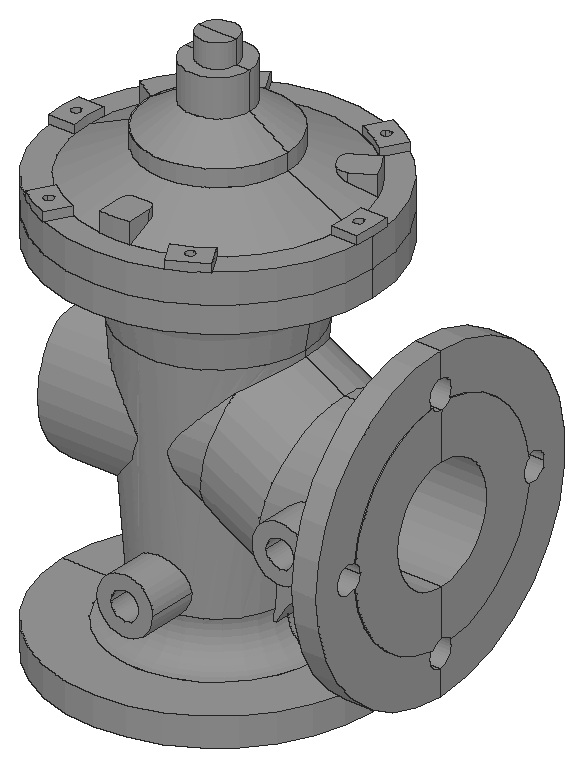
Revit family "ACV_Angle_Series", category Generic Models, Revit 2026
Family settings
  Can host rebar = No
  Round Connector Dimension = Use Diameter
  Part Type = Normal
  Work Plane-Based = No
  Always vertical = Yes
  Cut with Voids When Loaded = No
  Maintain Annotation Orientation = No
  Shared = No
  Room Calculation Point = No
Parameters (values of type "ACV1.50")
  up 3 = 0.21436"
  rp4 = 2.00"
  URL = "www.mifab.com"
  Model = "ACV1.50"
  Manufacturer = "MIFAB"
  HOLE RP = 2.50"
  HOLE = 0.30"
  EXTUREDE H [instance] = 3.65"
  Up 2 = 0.40"
  Up 1 = 0.70"
  UPPER OUT1 = 1.50"
  RADI1-2 = 1.00"
  RADI = 1.20997"
  OUT = 1.90091"
  ON/OFF = no
  MATERIAL = Iron, Cast
  INNER OUT1 = 2.80"
  IN = 1.80"
  Hole2 = Hole1 + 0.30"  # 0.60"
  Hole1 = 0.30"
  HOLE1 = 3.47037"
  FLANGE2 = FLANGE1 + 0.08"  # 0.6373"
  FLANGE1-2 = 0.03555"
  FLANGE1-1 = 0.65"
  FLANGE1 = 0.5573"
  End extru = 2.50"
  EXTRUDEEE [instance] = 0.44344"
  EXTRUDE W = 0.65"
  EXTRUDE L = 0.75"
  EXTRUDE H = 1.86269"
  Dia. = 2.00"
  Description = "BEECO ACV Angle Series"
  Default Elevation = 0.00"
  BODY = Iron, Cast
  AW = 6.69"
  UPPER H1 = 1.60"
  AR = 4.18"
  AL = 8.18"
  AH = 12.00"
  AB = 13.25"
  9THK = 0.35"
  9RA = 2.00"
  9HH = 1.25"
  8R2 = 2.25"
  8R1 = 0.50"
  8L = 2.50"
  8H = 2.25"
  7RA = 1.75"
  7L = 2.75"
  6RADI = 0.10"
  6H = 3.05"
  5WIDTH = 1.72745"
  5WID = 0.80"
  5RP = 3.10"
  5HOLE = 0.10"
  5EXT1 = 3.40"
  5EXT = 3.22"
  3LENGTH = 7.00"
  3ID = 1.84185"
  3FILLET = 0.50"
  3AW = AW / 2  # 3.345"
  2RP = 2.00"
  2OD = 0.90"
  2H = 2.50"
Types (7): name | up 3 | rp4 | Model | HOLE RP | HOLE | EXTUREDE H | Up 2 | Up 1 | UPPER OUT1 | RADI1-2 | RADI | OUT | INNER OUT1 | IN | Hole2 | Hole1 | FLANGE2 | FLANGE1-2 | FLANGE1-1 | FLANGE1 | End extru | EXTRUDEEE | EXTRUDE W | EXTRUDE L | Dia. | AW | UPPER H1 | AR | AL | AH | 9THK | 9RA | 9HH | 8R2 | 8R1 | 8L | 8H | 7RA | 7L | 6RADI | 6H | 5WID | 5RP | 5HOLE | 5EXT1 | 5EXT | 3LENGTH | 3ID | 3FILLET | 3AW | 2RP | 2OD | 2H
  (no name) | 0.21436" | 2.00" | "ACV1.50" | 2.50" | 0.30" | 3.65" | 0.40" | 0.70" | 1.50" | 1.00" | 1.20997" | 1.90091" | 2.80" | 1.80" | 0.60" | 0.30" | 0.6373" | 0.03555" | 0.65" | 0.5573" | 2.50" | 0.44344" | 0.65" | 0.75" | 2.00" | 6.69" | 1.60" | 4.18" | 8.18" | 12.00" | 0.35" | 2.00" | 1.25" | 2.25" | 0.50" | 2.50" | 2.25" | 1.75" | 2.75" | 0.10" | 3.05" | 0.80" | 3.10" | 0.10" | 3.40" | 3.22" | 7.00" | 1.84185" | 0.50" | 3.345" | 2.00" | 0.90" | 2.50"
  ACV1.50 | 0.21436" | 2.00" | "ACV1.50" | 2.50" | 0.30" | 3.65" | 0.40" | 0.70" | 1.50" | 1.00" | 1.20997" | 1.90091" | 2.80" | 1.80" | 0.60" | 0.30" | 0.6373" | 0.03555" | 0.65" | 0.5573" | 2.50" | 0.44344" | 0.65" | 0.75" | 2.00" | 6.69" | 1.60" | 4.18" | 8.18" | 12.00" | 0.35" | 2.00" | 1.25" | 2.25" | 0.50" | 2.50" | 2.25" | 1.75" | 2.75" | 0.10" | 3.05" | 0.80" | 3.10" | 0.10" | 3.40" | 3.22" | 7.00" | 1.84185" | 0.50" | 3.345" | 2.00" | 0.90" | 2.50"
  ACV2.00 | 0.40" | 2.20" | "ACV2.00" | 2.80" | 0.40" | 4.75" | 0.53698" | 0.89369" | 1.80" | 1.10" | 1.50" | 2.50" | 2.80" | 1.80" | 0.75" | 0.45" | 0.71014" | 0.0629" | 0.80" | 0.63014" | 3.00" | 1.40" | 1.00" | 0.80" | 3.00" | 7.88" | 2.80" | 5.44" | 9.81" | 16.31" | 0.50" | 2.00" | 2.00" | 2.50" | 0.75" | 3.25" | 2.50" | 2.25" | 2.75" | 0.15" | 3.40" | 1.16171" | 3.35" | 0.1847" | 3.60" | 3.35" | 9.00" | 2.5162" | 0.45479" | 3.94" | 3.00" | 1.20" | 3.80"
  ACV2.50 | 0.50" | 2.40" | "ACV2.50" | 3.50" | 0.45" | 4.75" | 0.60" | 1.00" | 2.00" | 1.80" | 2.00" | 3.20" | 3.30" | 2.20" | 0.85" | 0.55" | 0.68" | 0.0629" | 0.80" | 0.60" | 3.50" | 1.49017" | 1.00" | 1.00" | 4.00" | 9.25" | 3.00" | 5.81" | 11.06" | 17.50" | 0.65" | 2.75" | 1.85" | 2.00" | 0.75" | 3.7608" | 2.75" | 2.75" | 2.75" | 0.20" | 3.95" | 1.30" | 3.35" | 0.1847" | 3.60" | 3.26" | 10.00" | 3.00" | 0.50" | 4.625" | 3.50" | 1.40" | 3.80"
  ACV3.00 | 0.60" | 2.60" | "ACV3.00" | 5.00" | 0.55" | 7.00" | 1.20" | 1.70" | 3.20" | 2.80" | 3.00" | 4.00" | 5.00" | 1.98828" | 0.86" | 0.56" | 0.88" | 0.0629" | 1.10" | 0.80" | 4.75" | 1.86269" | 1.25" | 1.40" | 6.00" | 13.00" | 3.50" | 7.06" | 16.00" | 22.44" | 0.70" | 3.55" | 2.00" | 3.00" | 1.00" | 5.50" | 3.50" | 3.75" | 3.75" | 0.25" | 5.75" | 1.70" | 3.35" | 0.1847" | 5.80" | 5.14" | 14.00" | 4.00" | 0.75" | 6.50" | 4.50" | 1.20" | 4.20"
  ACV4.00 | 0.70" | 4.25" | "ACV4.00" | 6.25" | 0.70" | 8.50" | 1.20" | 1.60" | 3.00" | 3.00" | 3.75" | 5.00" | 6.50" | 3.50" | 1.10" | 0.80" | 1.08" | 0.08" | 1.20" | 1.00" | 6.00" | 2.19495" | 2.00" | 2.50" | 8.00" | 16.31" | 4.00" | 11.81" | 18.88" | 25.00" | 0.75" | 3.95" | 5.00" | 2.00" | 1.25" | 6.50" | 4.00" | 4.50" | 2.75" | 0.30" | 7.25" | 2.00" | 3.35" | 0.1847" | 7.00" | 6.31" | 17.00" | 5.00" | 0.50" | 8.155" | 5.00" | 1.50" | 5.00"
  ACV6.00 | 0.80" | 5.00" | "ACV6.00" | 7.66418" | 0.85" | 10.50" | 1.50" | 2.00" | 3.75" | 3.20" | 4.00" | 6.00" | 8.00" | 4.95" | 1.30" | 1.00" | 1.33" | 0.10" | 1.25" | 1.25" | 7.00" | 3.029" | 2.00" | 3.00" | 10.00" | 19.50" | 6.00" | 13.31" | 23.00" | 32.25" | 0.95" | 6.00" | 5.00" | 5.00" | 2.00" | 8.00" | 6.00" | 5.50" | 2.75" | 0.35" | 8.85" | 2.50" | 3.35" | 0.1847" | 8.50" | 8.15" | 19.00" | 6.00" | 1.00" | 9.75" | 5.00" | 2.20" | 7.00"
Reference planes (in)
  plane 1 "Center (Front/Back)": y = 0
  plane 2: z = 0
  plane 3 "Center (Left/Right)": x = 0
  plane 4: x = -3.345
  plane 5: x = 3.345
  plane 6: z = -6
  plane 7: z = 6
  plane 8: x = 4.835
  plane 9: z = -1.82
  plane 10: y = 3.47037
  plane 11: z = -4
  plane 12: z = -4
  plane 13: through (0, 0, 47.24409) normal (-0.5, 0.866, 0)
  plane 14: through (0, 0, 47.24409) normal (-0.5, -0.866, 0)
  plane 15: z = 3.4
  plane 16: z = 3.22
  plane 17: through (0, 0, 47.24409) normal (-0.866, 0.5, 0)
  plane 18: through (0, 0, 47.24409) normal (-0.866, -0.5, 0)
  plane 19: through (-1.525, 2.64138, 47.24409) normal (-0.5, 0.866, 0)
  plane 20: x = -3.05
  plane 21: through (-1.525, -2.64138, 47.24409) normal (-0.5, -0.866, 0)
  plane 22: through (1.525, 2.64138, 47.24409) normal (-0.5, -0.866, 0)
  plane 23: x = 3.05
  plane 24: through (1.525, -2.64138, 47.24409) normal (-0.5, 0.866, 0)
  plane 25: y = 2.5
  plane 26: z = -4.32
  plane 27: y = -2.5
  plane 28: z = 0.68
Forms (in)
  Revolve 1, solid, material "Iron, Cast" <- "BODY"
    sketch origin (0, 0, 0) x (1, 0, 0) y (0, 0, 1)
      loop
        line (-3.345, 2.58537) -> (-3.345, 2.02807) -> (-2.41873, 2.02807) -> (-2.22, 1.74662)
        arc (-2.22, 1.74662) -> (-2.01319, 1.14832) -> (-1.90091, 0.52533) r 4.10179
        line (-1.90091, 0.52533) -> (-1.545, -4.48055)
        arc (-1.545, -4.48055) -> (-1.63503, -5.07556) -> (-2.17059, -5.35) r 0.65979
        line (-2.17059, -5.35) -> (-3.345, -5.35) -> (-3.345, -6) -> (0, -6) -> (0, 2.58537) -> (-3.345, 2.58537)
      axis (0, 2.58537) -> (0, -6)
    angle from 0 to 360
  Revolve 2, solid, material "Iron, Cast" <- "MATERIAL"
    sketch origin (0, 0, 0) x (1, 0, 0) y (0, 0, 1)
      loop
        line (-3.345, 2.58537) -> (0, 2.58537) -> (0, 4.18537) -> (-1.5, 4.18537) -> (-1.5, 3.82887) -> (-2.8, 3.22267) -> (-3.345, 3.22267) -> (-3.345, 2.58537)
      axis (0, 2.58537) -> (0, 4.18537)
    angle from 0 to 360
  Revolve 3, solid, material "Iron, Cast" <- "MATERIAL"
    sketch origin (0, 0, 0) x (1, 0, 0) y (0, 0, 1)
      loop
        line (-1.5, 4.18537) -> (0, 4.18537) -> (0, 6) -> (-0.4, 6) -> (-0.4, 5.5) -> (-0.7, 5.5) -> (-0.7, 4.71031) -> (-1.5, 4.18537)
      axis (0, 6) -> (0, 4.18537)
    angle from 0 to 360
  Revolve 4, void
    sketch origin (0, 0, 0) x (1, 0, 0) y (0, 0, 1)
      loop
        line (-1.20997, 3.22267) -> (-1.20997, -12.54216) -> (0, -12.54216) -> (0, 3.22267) -> (-1.20997, 3.22267)
      axis (0, -12.54216) -> (0, 3.22267)
    angle from 0 to 360
  Revolve 5, void
    sketch origin (0, 0, 0) x (1, 0, 0) y (0, 0, 1)
      loop
        line (-3.345, -5.96445) -> (-3.345, -6) -> (-2.345, -6) -> (-2.345, -5.96445) -> (-3.345, -5.96445)
      axis (0, -6) -> (0, -5.96063)
    angle from 0 to 360
  Revolve 6, solid, material "Iron, Cast" <- "BODY"
    sketch origin (0, 0, 0) x (1, 0, 0) y (0, 0, 1)
      loop
        line (4.2777, -1.82) -> (4.835, -1.82) -> (4.835, 0.525) -> (4.79945, 0.525) -> (4.79945, 1.525) -> (4.2777, 1.525) -> (4.2777, -1.82)
      axis (4.2777, -1.82) -> (4.835, -1.82)
    angle from 0 to 360
  Revolve 7, void
    sketch origin (0, 0, 0) x (1, 0, 0) y (0, 0, 1)
      loop
        line (8.72702, -0.61003) -> (0, -0.61003) -> (0, -1.82) -> (8.72702, -1.82) -> (8.72702, -0.61003)
      axis (0, -1.82) -> (8.72702, -1.82)
    angle from 0 to 360
  Extrusion 8, solid, material "Iron, Cast" <- "BODY"
    sketch origin (0, 0, 0) x (1, 0, 0) y (0, 0, 1)
      loop
        circle (0, -4) r 0.3
      loop
        circle (0, -4) r 0.6
    from 1.20997 <- "RADI" to 2.5 <- "End extru"
  Extrusion 9, solid, material "Iron, Cast" <- "BODY"
    sketch origin (4.02173, 0, 3.37463) x (1, 0, 0) y (0, 0, 1)
      loop
        circle (-0.67673, -5.19463) r 0.3
      loop
        circle (-0.67673, -5.19463) r 0.6
    from 1.20997 <- "RADI" to 2.5 <- "End extru"
  Extrusion 10, solid, material "Iron, Cast" <- "BODY"
    sketch origin (4.02173, 0, 3.37463) x (1, 0, 0) y (0, 0, -1)
      loop
        circle (-0.67673, 5.19463) r 0.3
      loop
        circle (-0.67673, 5.19463) r 0.6
    from 1.20997 <- "RADI" to 2.5 <- "End extru"
  Extrusion 11, solid, material "Iron, Cast" <- "MATERIAL"
    sketch origin (-0.01293, 1.31858, 0) x (1, 0, 0) y (0, 1, 0)
      loop
        arc (-0.08707, -3.34966) -> (-0.24617, -3.41556) -> (-0.31207, -3.57466) r 0.225
        line (-0.31207, -3.57466) -> (-0.31207, -4.09966)
        arc (-0.31207, -4.09966) -> (0.01293, -4.11858) -> (0.33793, -4.09966) r 2.8
        line (0.33793, -4.09966) -> (0.33793, -3.57466)
        arc (0.33793, -3.57466) -> (0.27203, -3.41556) -> (0.11293, -3.34966) r 0.225
        line (0.11293, -3.34966) -> (-0.08707, -3.34966)
    from 3.20656 to 3.65
  Extrusion 12, solid, material "Iron, Cast" <- "BODY"
    sketch origin (0, 0, 0) x (1, 0, 0) y (0, 0, -1)
      loop
        circle (0, 4) r 0.3
      loop
        circle (0, 4) r 0.6
    from 1.20997 <- "RADI" to 2.5 <- "End extru"
  Extrusion 13, solid, material "Iron, Cast" <- "MATERIAL"
    sketch origin (-1.13546, -0.67049, 0) x (-0.5, 0.866025, 0) y (-0.866025, -0.5, 0)
      loop
        arc (-0.08707, -3.34966) -> (-0.24617, -3.41556) -> (-0.31207, -3.57466) r 0.225
        line (-0.31207, -3.57466) -> (-0.31207, -4.09966)
        arc (-0.31207, -4.09966) -> (0.01293, -4.11858) -> (0.33793, -4.09966) r 2.8
        line (0.33793, -4.09966) -> (0.33793, -3.57466)
        arc (0.33793, -3.57466) -> (0.27203, -3.41556) -> (0.11293, -3.34966) r 0.225
        line (0.11293, -3.34966) -> (-0.08707, -3.34966)
    from 3.65 to 3.20656
  Extrusion 14, solid, material "Iron, Cast" <- "MATERIAL"
    sketch origin (1.14839, -0.6481, 0) x (-0.5, -0.866025, 0) y (0.866025, -0.5, 0)
      loop
        arc (-0.08707, -3.34966) -> (-0.24617, -3.41556) -> (-0.31207, -3.57466) r 0.225
        line (-0.31207, -3.57466) -> (-0.31207, -4.09966)
        arc (-0.31207, -4.09966) -> (0.01293, -4.11858) -> (0.33793, -4.09966) r 2.8
        line (0.33793, -4.09966) -> (0.33793, -3.57466)
        arc (0.33793, -3.57466) -> (0.27203, -3.41556) -> (0.11293, -3.34966) r 0.225
        line (0.11293, -3.34966) -> (-0.08707, -3.34966)
    from 3.20656 to 3.65
  Extrusion 15, solid, material "Iron, Cast" <- "MATERIAL"
    sketch origin (0, 0, 0) x (0.866025, 0.5, 0) y (-0.5, 0.866025, 0)
      loop
        line (-0.4, 3.321) -> (-0.4, 2.77128)
        arc (-0.4, 2.77128) -> (0, 2.8) -> (0.4, 2.77128) r 2.8
        line (0.4, 2.77128) -> (0.4, 3.321)
        arc (0.4, 3.321) -> (0, 3.345) -> (-0.4, 3.321) r 3.345
    from 3.22 to 3.4
  Extrusion 16, solid, material "Iron, Cast" <- "MATERIAL"
    sketch origin (0, 0, 0) x (-0.866025, 0.5, 0) y (-0.5, -0.866025, 0)
      loop
        arc (-0.4, -3.321) -> (0, -3.345) -> (0.4, -3.321) r 3.345
        line (0.4, -3.321) -> (0.4, -2.77128)
        arc (0.4, -2.77128) -> (0, -2.8) -> (-0.4, -2.77128) r 2.8
        line (-0.4, -2.77128) -> (-0.4, -3.321)
    from 3.22 to 3.4
  Extrusion 17, solid, material "Iron, Cast" <- "MATERIAL"
    sketch origin (0, 0, 0) x (0.866025, -0.5, 0) y (0.5, 0.866025, 0)
      loop
        arc (-0.4, -3.321) -> (0, -3.345) -> (0.4, -3.321) r 3.345
        line (0.4, -3.321) -> (0.4, -2.77128)
        arc (0.4, -2.77128) -> (0, -2.8) -> (-0.4, -2.77128) r 2.8
        line (-0.4, -2.77128) -> (-0.4, -3.321)
    from 3.22 to 3.4
  Extrusion 18, solid, material "Iron, Cast" <- "MATERIAL"
    sketch origin (0, 0, 0) x (0, -1, 0) y (1, 0, 0)
      loop
        line (-0.4, 3.321) -> (-0.4, 2.77128)
        arc (-0.4, 2.77128) -> (0, 2.8) -> (0.4, 2.77128) r 2.8
        line (0.4, 2.77128) -> (0.4, 3.321)
        arc (0.4, 3.321) -> (0, 3.345) -> (-0.4, 3.321) r 3.345
    from 3.22 to 3.4
  Extrusion 19, solid, material "Iron, Cast" <- "MATERIAL"
    sketch origin (0, 0, 0) x (0, -1, 0) y (1, 0, 0)
      loop
        arc (-0.4, -3.321) -> (0, -3.345) -> (0.4, -3.321) r 3.345
        line (0.4, -3.321) -> (0.4, -2.77128)
        arc (0.4, -2.77128) -> (0, -2.8) -> (-0.4, -2.77128) r 2.8
        line (-0.4, -2.77128) -> (-0.4, -3.321)
    from 3.22 to 3.4
  Extrusion 20, void
    sketch origin (0.875, -1.51554, 0) x (0.866025, 0.5, 0) y (-0.5, 0.866025, 0)
      loop
        circle (0, 4.8) r 0.1
    from 0 to 12
  Extrusion 21, void
    sketch origin (1.75, 0, 0) x (0, 1, 0) y (-1, 0, 0)
      loop
        circle (0, 4.8) r 0.1
    from 1.62892 to 11.7845
  Extrusion 22, void
    sketch origin (0.875, 1.51554, 0) x (-0.866025, 0.5, 0) y (-0.5, -0.866025, 0)
      loop
        circle (0, 4.8) r 0.1
    from 0 to 12
  Extrusion 23, void
    sketch origin (-0.875, -1.51554, 0) x (-0.866025, 0.5, 0) y (-0.5, -0.866025, 0)
      loop
        circle (0, -4.8) r 0.1
    from 0 to 12
  Extrusion 24, void
    sketch origin (-1.75, 0, 0) x (0, 1, 0) y (-1, 0, 0)
      loop
        circle (0, -4.8) r 0.1
    from 1.62892 to 11.7845
  Extrusion 25, void
    sketch origin (-0.875, 1.51554, 0) x (0.866025, 0.5, 0) y (-0.5, 0.866025, 0)
      loop
        circle (0, -4.8) r 0.1
    from 0 to 12
  Extrusion 26, solid, material "Iron, Cast" <- "MATERIAL"
    sketch origin (0, 0, 0) x (-0.866025, -0.5, 0) y (0.5, -0.866025, 0)
      loop
        line (-0.4, 3.321) -> (-0.4, 2.77128)
        arc (-0.4, 2.77128) -> (0, 2.8) -> (0.4, 2.77128) r 2.8
        line (0.4, 2.77128) -> (0.4, 3.321)
        arc (0.4, 3.321) -> (0, 3.345) -> (-0.4, 3.321) r 3.345
    from 3.22 to 3.4
  Sweep 27, solid, material "Iron, Cast" <- "BODY"
    path origin (0, 0, 0) x (1, 0, 0) y (0, 0, 1)
      loop
        line (4.2777, -1.82) -> (2.295, -1.82) -> (1.07808, -1.17295) -> (-2.4808, -1.17295)
    profile origin (3.28635, 0, -1.82) x (0, 0, -1) y (0, -1, 0)
      loop
        circle (0, 0) r 1.75
  Extrusion 28, void
    sketch origin (0, 0, 0) x (1, 0, 0) y (0, 0, 1)
      loop
        line (0, 0.43) -> (0, 2.46879) -> (-15.4808, 2.46879) -> (-15.4808, -7.99137) -> (0, -8.84295) -> (0, -4.07) -> (-0.25, -4.07)
        arc (-0.25, -4.07) -> (-1.84099, -3.41099) -> (-2.5, -1.82) r 2.25
        line (-2.5, -1.82) -> (-2.5, -0.07)
        arc (-2.5, -0.07) -> (-2.35355, 0.28355) -> (-2, 0.43) r 0.5
        line (-2, 0.43) -> (0, 0.43)
    from -9.2249 to 12
  Extrusion 29, solid, material "Iron, Cast" <- "BODY"
    sketch origin (0, 0, 0) x (1, 0, 0) y (0, 0, 1)
      loop
        line (1.405, -1.82) -> (1.405, -4.71445) -> (1.545, -4.71445)
        arc (1.545, -4.71445) -> (2.28125, -3.88687) -> (3.345, -3.57803) r 2
        line (3.345, -3.57803) -> (3.345, -1.82) -> (1.405, -1.82)
    from -0.35 to 0.35
  Extrusion 30, void
    sketch origin (0, 0, 0) x (0, 1, 0) y (0, 0, 1)
      loop
        circle (2.5, -1.82) r 0.3
    from 0 to 18.36489
  Extrusion 31, void
    sketch origin (0, 2.815, -2.815) x (0, 0, -1) y (0, 1, 0)
      loop
        circle (1.505, -2.815) r 0.3
    from 0 to 18.36489
  Extrusion 32, void
    sketch origin (0, 0, -5.63) x (0, -1, 0) y (0, 0, -1)
      loop
        circle (2.5, -3.81) r 0.3
    from 0 to 18.36489
  Extrusion 33, void
    sketch origin (0, -2.815, -2.815) x (0, 0, 1) y (0, -1, 0)
      loop
        circle (3.495, -2.815) r 0.3
    from 0 to 18.36489
Cuts and joins
  Revolve 4, Revolve 5, Revolve 7, Extrusion 20, Extrusion 21, Extrusion 22, Extrusion 23, Extrusion 24, Extrusion 25, Extrusion 32 cuts Revolve 1
  Revolve 4, Revolve 7, Extrusion 30, Extrusion 31, Extrusion 32, Extrusion 33 cuts Revolve 6
  Extrusion 31, Extrusion 32, Extrusion 33 cuts Extrusion 8
  Extrusion 31, Extrusion 33 cuts Extrusion 9
  Extrusion 31, Extrusion 32, Extrusion 33 cuts Extrusion 10
  Extrusion 31, Extrusion 32, Extrusion 33 cuts Extrusion 12
  Revolve 7, Extrusion 28, Extrusion 31, Extrusion 32, Extrusion 33 cuts Sweep 27
  Revolve 7, Extrusion 32, Extrusion 33 cuts Extrusion 29
  joined: Revolve 1, Revolve 6, Extrusion 8, Extrusion 9, Extrusion 10, Extrusion 12, Sweep 27, Extrusion 29
  Extrusion 20 cuts Extrusion 15
  Extrusion 23 cuts Extrusion 16
  Extrusion 24 cuts Extrusion 18
  joined: Extrusion 13, Extrusion 15, Extrusion 16, Extrusion 18
  Revolve 4, Extrusion 20, Extrusion 21, Extrusion 22, Extrusion 23, Extrusion 24, Extrusion 25 cuts Revolve 2
  Extrusion 22 cuts Extrusion 17
  Extrusion 25 cuts Extrusion 26
  Extrusion 21 cuts Extrusion 19
Dimensions and locks (in)
  equal spacing: plane 4, plane 3 "Center (Left/Right)", plane 5
  "AW": plane 4 to plane 5
  equal spacing: plane 7, level, plane 6
  "AH": plane 7 to plane 6
  "IN": Revolve 1 sketch curve to Revolve 1 sketch curve
  "OUT": Revolve 1 sketch curve to Revolve 1 sketch curve
  "FLANGE1": Revolve 1 sketch curve to Revolve 1 sketch curve
  "FLANGE2": Revolve 2 sketch curve to Revolve 1
  "UPPER OUT1": plane 3 "Center (Left/Right)" to Revolve 2 sketch curve
  "INNER OUT1": plane 3 "Center (Left/Right)" to Revolve 2 sketch curve
  "UPPER H1": Revolve 2 sketch curve to Revolve 1
  "Up 1": plane 3 "Center (Left/Right)" to Revolve 3 sketch curve
  "Up 2": plane 3 "Center (Left/Right)" to Revolve 3 sketch curve
  "UPPER OUT1": plane 3 "Center (Left/Right)" to Revolve 3 sketch curve
  "RADI": plane 3 "Center (Left/Right)" to Revolve 4 sketch curve
  "FLANGE1-2": Revolve 5 sketch curve to cut or joined group 1 (Revolve 1, Revolve 4, Revolve 5, Revolve 6, Revolve 7, Extrusion 8, Extrusion 9, Extrusion 10, Extrusion 12, Extrusion 20, Extrusion 21, Extrusion 22, Extrusion 23, Extrusion 24, Extrusion 25, Sweep 27, Extrusion 28, Extrusion 29, Extrusion 30, Extrusion 31, Extrusion 32, Extrusion 33)
  "RADI1-2": Revolve 5 sketch curve to plane 4
  "AL": plane 8 to plane 4
  "AR": plane 9 to plane 6
  "3AW": Revolve 6 sketch curve to plane 9
  "FLANGE1": plane 8 to Revolve 6 sketch curve
  "RADI1-2": Revolve 6 sketch curve to Revolve 6 sketch curve
  "FLANGE1-2": Revolve 6 sketch curve to Revolve 6 sketch curve
  "RADI": Revolve 7 sketch curve to plane 9
  "FLANGE1-1": Revolve 1 sketch curve to Revolve 1 sketch curve
  "HOLE1": plane 1 "Center (Front/Back)" to plane 10
  "rp4": plane 11 to plane 6
  equal spacing: Extrusion 11 sketch curve, plane 3 "Center (Left/Right)", Extrusion 11 sketch curve
  "EXTRUDE W": Extrusion 11 sketch curve to Extrusion 11 sketch curve
  "EXTRUDE L": Extrusion 11 sketch curve to Extrusion 11 sketch curve
  "EXTUREDE H": Extrusion 11 to level
  "rp4": plane 12 to plane 6
  "EXTRUDE W": Extrusion 13 sketch curve to Extrusion 13 sketch curve
  "EXTRUDE L": Extrusion 13 sketch curve to Extrusion 13 sketch curve
  "EXTRUDE W": Extrusion 14 sketch curve to Extrusion 14 sketch curve
  "EXTRUDE L": Extrusion 14 sketch curve to Extrusion 14 sketch curve
  equal spacing: Extrusion 13 sketch curve, plane 13, Extrusion 13 sketch curve
  equal spacing: Extrusion 14 sketch curve, plane 14, Extrusion 14 sketch curve
  "5EXT1": plane 15 to level
  "5EXT": plane 16 to level
  "5WID": Extrusion 15 sketch curve to Extrusion 15 sketch curve
  equal spacing: Extrusion 15 sketch curve, plane 18, Extrusion 15 sketch curve
  "5WID": Extrusion 16 sketch curve to Extrusion 16 sketch curve
  equal spacing: Extrusion 16 sketch curve, plane 17, Extrusion 16 sketch curve
  "5WID": Extrusion 17 sketch curve to Extrusion 17 sketch curve
  equal spacing: Extrusion 17 sketch curve, plane 17, Extrusion 17 sketch curve
  "5WID": Extrusion 18 sketch curve to Extrusion 18 sketch curve
  equal spacing: Extrusion 18 sketch curve, plane 1 "Center (Front/Back)", Extrusion 18 sketch curve
  "5WID": Extrusion 19 sketch curve to Extrusion 19 sketch curve
  equal spacing: Extrusion 19 sketch curve, plane 1 "Center (Front/Back)", Extrusion 19 sketch curve
  "6H": plane 19 to plane 13
  "6H": plane 20 to plane 3 "Center (Left/Right)"
  "6H": plane 21 to plane 14
  "5WID": Extrusion 26 sketch curve to Extrusion 26 sketch curve
  equal spacing: Extrusion 26 sketch curve, plane 18, Extrusion 26 sketch curve
  "6H": plane 24 to plane 13
  "6H": plane 3 "Center (Left/Right)" to plane 23
  "6H": plane 22 to plane 14
  "8L": Extrusion 28 sketch curve to Extrusion 28 sketch curve
  "EXTRUDEEE": cut or joined group of Extrusion 13, Extrusion 15, Extrusion 16, Extrusion 18, Extrusion 20, Extrusion 23, Extrusion 24 to cut or joined group of Extrusion 13, Extrusion 15, Extrusion 16, Extrusion 18, Extrusion 20, Extrusion 23, Extrusion 24
  equal spacing: Extrusion 28 sketch curve, plane 9, Extrusion 28 sketch curve
  "8H": Extrusion 28 sketch curve to plane 9
  equal spacing: Extrusion 29, plane 1 "Center (Front/Back)", Extrusion 29
  "9THK": plane 1 "Center (Front/Back)" to Extrusion 29
  "IN": plane 5 to Extrusion 29 sketch curve
  "9HH": Extrusion 29 sketch curve to cut or joined group 1
  "HOLE RP": plane 1 "Center (Front/Back)" to plane 25
  "HOLE RP": plane 27 to plane 1 "Center (Front/Back)"
  "HOLE RP": plane 28 to plane 9
  "HOLE RP": plane 26 to plane 9
  "Hole1": radius of Extrusion 8 sketch curve
  "Hole2": radius of Extrusion 8 sketch curve
  "Hole1": radius of Extrusion 9 sketch curve
  "Hole2": radius of Extrusion 9 sketch curve
  "Hole1": radius of Extrusion 10 sketch curve
  "Hole2": radius of Extrusion 10 sketch curve
  "INNER OUT1": radius of Extrusion 11 sketch curve
  "Hole1": radius of Extrusion 12 sketch curve
  "Hole2": radius of Extrusion 12 sketch curve
  "INNER OUT1": radius of Extrusion 13 sketch curve
  "INNER OUT1": radius of Extrusion 14 sketch curve
  "INNER OUT1": radius of Extrusion 15 sketch curve
  "3AW": radius of Extrusion 15 sketch curve
  "INNER OUT1": radius of Extrusion 16 sketch curve
  "3AW": radius of Extrusion 16 sketch curve
  "INNER OUT1": radius of Extrusion 17 sketch curve
  "3AW": radius of Extrusion 17 sketch curve
  "INNER OUT1": radius of Extrusion 18 sketch curve
  "3AW": radius of Extrusion 18 sketch curve
  "INNER OUT1": radius of Extrusion 19 sketch curve
  "3AW": radius of Extrusion 19 sketch curve
  "6RADI": radius of Extrusion 20 sketch curve
  "6RADI": radius of Extrusion 21 sketch curve
  "6RADI": radius of Extrusion 22 sketch curve
  "6RADI": radius of Extrusion 23 sketch curve
  "6RADI": radius of Extrusion 24 sketch curve
  "6RADI": radius of Extrusion 25 sketch curve
  "INNER OUT1": radius of Extrusion 26 sketch curve
  "3AW": radius of Extrusion 26 sketch curve
  "7RA": radius of Sweep 27 sketch curve
  "8R2": radius of Extrusion 28 sketch curve
  "8R1": radius of Extrusion 28 sketch curve
  "9RA": radius of Extrusion 29 sketch curve
  "HOLE": radius of Extrusion 30 sketch curve
  "HOLE": radius of Extrusion 31 sketch curve
  "HOLE": radius of Extrusion 32 sketch curve
  "HOLE": radius of Extrusion 33 sketch curve
  locked: plane 3 "Center (Left/Right)" to plane 13 (angle 120.00°)
  locked: plane 14 to plane 3 "Center (Left/Right)" (angle 120.00°)
  angle plane 17 to plane 3 "Center (Left/Right)" = 30.00°
  angle plane 3 "Center (Left/Right)" to plane 18 = 30.00°
  aligned and locked: Revolve 1 sketch curve to plane 3 "Center (Left/Right)"
  aligned and locked: Revolve 2 sketch curve to Revolve 1
  aligned and locked: Revolve 2 sketch curve to plane 3 "Center (Left/Right)"
  aligned and locked: plane 3 "Center (Left/Right)" to Revolve 3 sketch curve
  aligned and locked: Revolve 2 to Revolve 3 sketch curve
  aligned and locked: Revolve 2 to Revolve 4 sketch curve
  aligned and locked: Revolve 4 sketch curve to plane 3 "Center (Left/Right)"  (x2)
  aligned and locked: plane 3 "Center (Left/Right)" to Revolve 5 sketch curve
  aligned and locked: plane 6 to Revolve 5 sketch curve
  aligned and locked: Revolve 6 sketch curve to plane 8
  aligned and locked: Revolve 7 sketch curve to plane 9
  aligned and locked: Revolve 1 sketch curve to plane 6
  aligned and locked: plane 11 to Extrusion 8 sketch curve  (x2)
  aligned and locked: plane 3 "Center (Left/Right)" to Extrusion 8 sketch curve  (x2)
  aligned and locked: plane 5 to Extrusion 9 sketch curve  (x2)
  aligned and locked: plane 9 to Extrusion 9 sketch curve  (x2)
  aligned and locked: plane 1 "Center (Front/Back)" to Extrusion 11 sketch curve
  aligned and locked: plane 3 "Center (Left/Right)" to Extrusion 11 sketch curve
  aligned and locked: Extrusion 12 sketch curve to plane 12  (x2)
  aligned and locked: Extrusion 11 to Extrusion 13  (x2)
  aligned and locked: Extrusion 11 to Extrusion 14
  aligned and locked: Extrusion 14 to Extrusion 11
  aligned and locked: plane 18 to Extrusion 15 sketch curve  (x2)
  aligned and locked: plane 13 to Extrusion 15 sketch curve  (x2)
  aligned and locked: plane 16 to Extrusion 15
  aligned and locked: plane 15 to Extrusion 15
  aligned and locked: plane 16 to Extrusion 16
  aligned and locked: plane 15 to Extrusion 16
  aligned and locked: plane 16 to Extrusion 17
  aligned and locked: plane 15 to Extrusion 17
  aligned and locked: plane 16 to Extrusion 19
  aligned and locked: plane 15 to Extrusion 19
  aligned and locked: plane 16 to Extrusion 18
  aligned and locked: plane 15 to Extrusion 18
  aligned and locked: plane 16 to Extrusion 26
  aligned and locked: plane 15 to Extrusion 26
  aligned and locked: Extrusion 21 to Extrusion 24
  aligned and locked: Extrusion 24 to Extrusion 21
  aligned and locked: Revolve 6 sketch curve to plane 9
  aligned and locked: plane 9 to Sweep 27 sketch curve
  aligned and locked: plane 1 "Center (Front/Back)" to Sweep 27 sketch curve
  aligned and locked: cut or joined group 1 to Sweep 27 sketch curve
  aligned and locked: Extrusion 28 sketch curve to plane 3 "Center (Left/Right)"  (x2)
  aligned and locked: Extrusion 29 sketch curve to plane 5
  aligned and locked: Extrusion 29 sketch curve to plane 9
  aligned and locked: plane 1 "Center (Front/Back)" to Extrusion 33 sketch curve
  aligned and locked: plane 28 to Extrusion 33 sketch curve
  aligned and locked: plane 9 to Extrusion 32 sketch curve
  aligned and locked: plane 27 to Extrusion 32 sketch curve
  aligned and locked: plane 9 to Extrusion 30 sketch curve
  aligned and locked: plane 25 to Extrusion 30 sketch curve
  aligned and locked: plane 1 "Center (Front/Back)" to Extrusion 31 sketch curve
  aligned and locked: plane 26 to Extrusion 31 sketch curve
Automatic sketch dimensions
  Sweep 27 sketch curve to plane 9 = 0.00"
  Sweep 27 sketch curve to plane 5 = 1.05"
  plane 3 "Center (Left/Right)" to Sweep 27 sketch curve = 1.07808"
  plane 4 to Sweep 27 sketch curve = 0.8642"
  plane 9 to Sweep 27 sketch curve = 0.64705"
  Revolve 1 sketch curve to plane 4 = 0.00"  (x2)
  Revolve 1 sketch curve to plane 3 "Center (Left/Right)" = 0.00"
  level to Revolve 1 sketch curve = 0.11145"
  Revolve 1 sketch curve to plane 4 = 2.63677"
  Revolve 1 sketch curve to Revolve 1 sketch curve = 0.92627"
  Revolve 1 sketch curve to Revolve 1 sketch curve = 0.19873"
  Revolve 1 sketch curve to Revolve 1 sketch curve = 0.62559"
  Revolve 1 sketch curve to Revolve 1 sketch curve = 0.65979"
  level to Revolve 1 sketch curve = 0.52533"
  Revolve 1 sketch curve to Revolve 1 sketch curve = 0.28144"
  level to Revolve 1 sketch curve = 0.72"
  plane 15 to Revolve 1 sketch curve = 0.00345"
  Revolve 2 sketch curve to plane 4 = 0.00"
  Revolve 2 sketch curve to plane 3 "Center (Left/Right)" = 0.00"
  Revolve 2 sketch curve to Revolve 2 sketch curve = 0.3565"
  plane 16 to Revolve 2 sketch curve = 0.02323"
  Revolve 2 sketch curve to plane 7 = 0.84462"
  Revolve 3 sketch curve to plane 3 "Center (Left/Right)" = 0.00"
  Revolve 3 sketch curve to plane 7 = 0.00"
  Revolve 3 sketch curve to Revolve 3 sketch curve = 0.52495"
  Revolve 3 sketch curve to Revolve 3 sketch curve = 0.50"
  plane 15 to Revolve 3 sketch curve = 0.25"
  plane 7 to Revolve 3 sketch curve = 0.18155"
  Revolve 4 sketch curve to plane 6 = 6.54216"
  Revolve 4 sketch curve to Revolve 4 sketch curve = 1.75"
  Revolve 4 sketch curve to Revolve 4 sketch curve = 2.25"
  Revolve 5 sketch curve to plane 4 = 0.00"
  Revolve 5 sketch curve to plane 6 = 0.29872"
  plane 6 to Revolve 5 sketch curve = 0.70128"
  Revolve 6 sketch curve to plane 9 = 0.00"
  Revolve 6 sketch curve to Revolve 6 sketch curve = 4.00"
  Revolve 6 sketch curve to Revolve 6 sketch curve = 3.25"
  Revolve 7 sketch curve to plane 3 "Center (Left/Right)" = 0.00"
  Revolve 7 sketch curve to plane 9 = 0.00"
  plane 8 to Revolve 7 sketch curve = 3.89202"
  Revolve 7 sketch curve to Revolve 7 sketch curve = 3.00"  (x2)
  Extrusion 10 sketch curve to Extrusion 10 sketch curve = 0.00"  (x2)
  Extrusion 10 sketch curve to plane 5 = 0.00"
  Extrusion 10 sketch curve to plane 9 = 0.00"
  Extrusion 11 sketch curve to plane 3 "Center (Left/Right)" = 0.10"
  plane 3 "Center (Left/Right)" to Extrusion 11 sketch curve = 0.10"
  Extrusion 12 sketch curve to Extrusion 12 sketch curve = 0.00"
  Extrusion 12 sketch curve to plane 3 "Center (Left/Right)" = 0.00"
  plane 1 "Center (Front/Back)" to Extrusion 13 sketch curve = 0.00"
  Extrusion 13 sketch curve to plane 3 "Center (Left/Right)" = 0.00"
  Extrusion 13 sketch curve to plane 13 = 0.10"
  plane 13 to Extrusion 13 sketch curve = 0.10"
  plane 1 "Center (Front/Back)" to Extrusion 14 sketch curve = 0.00"
  Extrusion 14 sketch curve to plane 3 "Center (Left/Right)" = 0.00"
  Extrusion 14 sketch curve to plane 14 = 0.10"
  plane 14 to Extrusion 14 sketch curve = 0.10"
  Extrusion 16 sketch curve to Extrusion 16 sketch curve = 0.00"  (x2)
  plane 1 "Center (Front/Back)" to Extrusion 16 sketch curve = 0.00"
  Extrusion 16 sketch curve to plane 3 "Center (Left/Right)" = 0.00"
  Extrusion 17 sketch curve to Extrusion 17 sketch curve = 0.00"  (x2)
  plane 1 "Center (Front/Back)" to Extrusion 17 sketch curve = 0.00"
  Extrusion 17 sketch curve to plane 3 "Center (Left/Right)" = 0.00"
  Extrusion 18 sketch curve to Extrusion 18 sketch curve = 0.00"  (x2)
  plane 1 "Center (Front/Back)" to Extrusion 18 sketch curve = 0.00"
  Extrusion 18 sketch curve to plane 3 "Center (Left/Right)" = 0.00"
  Extrusion 19 sketch curve to Extrusion 19 sketch curve = 0.00"  (x2)
  plane 1 "Center (Front/Back)" to Extrusion 19 sketch curve = 0.00"
  Extrusion 19 sketch curve to plane 3 "Center (Left/Right)" = 0.00"
  plane 18 to Extrusion 20 sketch curve = 0.00"
  Extrusion 20 sketch curve to plane 19 = 0.00"
  plane 1 "Center (Front/Back)" to Extrusion 21 sketch curve = 0.00"
  Extrusion 21 sketch curve to plane 20 = 0.00"
  Extrusion 22 sketch curve to plane 17 = 0.00"
  plane 21 to Extrusion 22 sketch curve = 0.00"
  Extrusion 23 sketch curve to plane 17 = 0.00"
  Extrusion 23 sketch curve to plane 22 = 0.00"
  plane 1 "Center (Front/Back)" to Extrusion 24 sketch curve = 0.00"
  Extrusion 24 sketch curve to plane 23 = 0.00"
  plane 18 to Extrusion 25 sketch curve = 0.00"
  Extrusion 25 sketch curve to plane 24 = 0.00"
  Extrusion 26 sketch curve to Extrusion 26 sketch curve = 0.00"  (x2)
  plane 1 "Center (Front/Back)" to Extrusion 26 sketch curve = 0.00"
  Extrusion 26 sketch curve to plane 3 "Center (Left/Right)" = 0.00"
  Extrusion 28 sketch curve to plane 6 = 1.99137"
  Extrusion 28 sketch curve to plane 4 = 12.1358"
  Extrusion 28 sketch curve to plane 6 = 2.84295"
  plane 16 to Extrusion 28 sketch curve = 0.75121"
  plane 3 "Center (Left/Right)" to Extrusion 29 sketch curve = 1.405"
  plane 5 to Extrusion 29 sketch curve = 0.00395"
Connectors (in)
  piping at (4.835, -0.81783, -1.82), diameter 2, driven by "Dia."
    settings: on cut or joined group 1, index 1, connector inside diameter 609.6 mm, connector length 0.00", flow factor 0, pipe flow 0.0 L/s, pressure drop 0.0 Pa, fitting loss kfactor 0, connector angle 0.00°, fixture units 0, engagement length 0.00", angle of deflection 0.00°, flow configuration 0, flow direction 0, fitting loss method 0, system type 7, joint type 0, gender type 0, connector reference index -1, connector utility 0, adjustable connector no, is connector primary yes, connector description ""
  piping at (0, 0, -6), diameter 2, driven by "Dia."
    settings: on cut or joined group 1, index 2, connector inside diameter 609.6 mm, connector length 0.00", flow factor 0, pipe flow 0.0 L/s, pressure drop 0.0 Pa, fitting loss kfactor 0, connector angle 0.00°, fixture units 0, engagement length 0.00", angle of deflection 0.00°, flow configuration 0, flow direction 0, fitting loss method 0, system type 7, joint type 0, gender type 0, connector reference index -1, connector utility 0, adjustable connector no, is connector primary no, connector description ""
